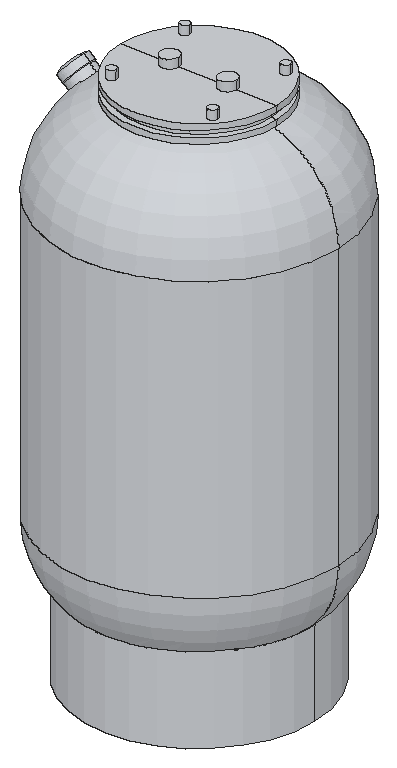
Revit family "TXA-35", category Mechanical Equipment, Revit 2014
Parameters (values of type "TXA-35")
  URL = "http://westank.com/"
  TankVolume = "10 Gallons"
  PartNumber = "20010035"
  OuterRadius = F / 2  # 5"
  Model = "TXA-35"
  MaximumOperatingTemperature = "240°F"
  MaximumOperatingPressure = "150 PSIG"
  Manufacturer = "Wessels Company"
  InnerRadius = (F * 0.9844) / 2  # 4.922"
  F = 10"
  C = 3/4"
  B = 23 1/2"
  ApproximateShipmentWeight = "40 lbs"
  Angle = 41.00°
  A = 12"
Reference planes (in)
  plane 1 "Center (Front/Back)": y = 0
  plane 2: z = 0
  plane 3 "Center (Left/Right)": x = 0
  plane 4: x = -6
  plane 5: z = 5.47343
  plane 6: z = 22.35433
  plane 7: y = 1.9685
  plane 8: y = -1.9685
  plane 9: x = 2.1751
  plane 10: x = -2.1751
  plane 11: z = 23.5
  plane 12: x = 6
  plane 13: z = 16.99842
  plane 14: x = -5
  plane 15: x = 5
  plane 16: x = 1.625
  plane 17: x = 0.875
Forms (in)
  Revolve 1, solid
    sketch origin (0, 0, -5.125) x (1, 0, 0) y (0, 0, 1)
      loop
        line (0, 27.47933) -> (-2.92524, 27.47933)
        arc (-2.92524, 27.47933) -> (-5.13532, 26.11893) -> (-6, 23.67199) r 3.89461
        line (-6, 23.67199) -> (-6, 11.46384)
        arc (-6, 11.46384) -> (-5.13532, 9.0169) -> (-2.92524, 7.6565) r 3.89461
        line (-2.92524, 7.6565) -> (0, 7.6565) -> (0, 27.47933)
      axis (0, 27.47933) -> (0, 7.6565)
    angle from 0 to 360
  Extrusion 2, solid
    sketch origin (0, 0, 0) x (1, 0, 0) y (0, 1, 0)
      loop
        circle (0, 0) r 5
      loop
        circle (0, 0) r 4.922
    from 5.47343 to 0
  Revolve 3, solid
    sketch origin (0, 0, 0) x (1, 0, 0) y (0, 0, 1)
      loop
        line (0, 23.14567) -> (0, 22.35433) -> (3.36891, 22.35433) -> (3.36891, 22.60433) -> (3.11891, 22.60433) -> (3.11891, 22.88832) -> (3.36891, 22.88832) -> (3.36891, 23.14567) -> (0, 23.14567)
      axis (0, 23.14567) -> (0, 22.35433)
    angle from 0 to 360
  Extrusion 4, solid
    sketch origin (-60.41868, -180, 22.35433) x (-1, 0, 0) y (0, -1, 0)
      loop
        circle (-58.24358, -181.9685) r 0.19685
      loop
        circle (-58.24358, -178.0315) r 0.19685
      loop
        circle (-62.59379, -178.0315) r 0.19685
      loop
        circle (-62.59379, -181.9685) r 0.19685
    from 1.14567 to 0.79134
  Extrusion 5, solid
    sketch origin (-60.41868, -180, 22.35433) x (-1, 0, 0) y (0, -1, 0)
      loop
        circle (-59.16868, -180) r 0.375
      loop
        circle (-61.66868, -180) r 0.375
    from 1.14567 to 0.79134
  Revolve 6, solid
    sketch origin (0, 0, 16.99842) x (-0.75471, 0, 0.656059) y (-0.656059, 0, -0.75471)
      loop
        line (6.14266, 0) -> (6.14266, -0.64856) -> (6.78908, -0.64856) -> (6.81239, -0.67188) -> (7.15285, -0.67188)
        arc (7.15285, -0.67188) -> (7.26101, -0.34361) -> (7.22367, 0) r 0.81647
        line (7.22367, 0) -> (6.14266, 0)
      axis (6.14266, 0) -> (7.22367, 0)
    angle from 0 to 360
Cuts and joins
  joined: Revolve 1, Extrusion 2, Revolve 3, Revolve 6
Lines and regions (in)
  reference lines
    curve 1: line (0, 0, 16.99842) -> (-5.47164, 0, 21.75485)
Dimensions and locks (in)
  plane 5 to level = 5.47343"
  equal spacing: plane 10, plane 3 "Center (Left/Right)", plane 9
  equal spacing: plane 7, plane 1 "Center (Front/Back)", plane 8
  "B": plane 11 to level
  equal spacing: plane 12, plane 3 "Center (Left/Right)", plane 4
  "A": plane 12 to plane 4
  locked: Extrusion 5 sketch curve to plane 1 "Center (Front/Back)" at 0  (x2)
  equal spacing: plane 15, plane 3 "Center (Left/Right)", plane 14
  "F": plane 15 to plane 14
  "C": plane 17 to plane 16
  "OuterRadius": radius of Extrusion 2 sketch curve
  "InnerRadius": radius of Extrusion 2 sketch curve
  "C": diameter of Extrusion 5 sketch curve
  "Angle": angle curve 1 to plane 13
  aligned and locked: level to plane 2
  aligned and locked: Extrusion 2 to level
  aligned and locked: Revolve 3 sketch curve to plane 6
  aligned and locked: Revolve 3 sketch curve to plane 3 "Center (Left/Right)"  (x2)
  aligned and locked: Revolve 1 sketch curve to plane 6
  aligned and locked: plane 11 to Extrusion 4
  aligned and locked: plane 4 to Revolve 1 sketch curve
  aligned and locked: plane 11 to Extrusion 5
  aligned and locked: plane 3 "Center (Left/Right)" to curve 1
  aligned and locked: plane 13 to curve 1
  aligned and locked: Revolve 6 sketch curve to curve 1
  aligned and locked: Revolve 6 sketch curve to Revolve 6 sketch curve
  aligned and locked: plane 16 to Extrusion 5
  aligned and locked: plane 17 to Extrusion 5
Automatic sketch dimensions
  Revolve 3 sketch curve to plane 6 = 0"
  plane 6 to Revolve 3 sketch curve = 1/4"
  Revolve 3 sketch curve to Revolve 3 sketch curve = 1/4"  (x2)
  Revolve 3 sketch curve to Revolve 3 sketch curve = 1/2"
  Revolve 1 sketch curve to plane 3 "Center (Left/Right)" = 0"  (x2)
  Revolve 1 sketch curve to level = 2.26259"
  Revolve 1 sketch curve to plane 6 = 1.77165"
  plane 5 to Revolve 1 sketch curve = 0.86541"
  Extrusion 4 sketch curve to plane 8 = 0"  (x2)
  Extrusion 4 sketch curve to plane 9 = 0"  (x2)
  Extrusion 4 sketch curve to plane 7 = 0"  (x2)
  Extrusion 4 sketch curve to plane 10 = 0"  (x2)
  Revolve 6 sketch curve to curve 1 = 0"  (x2)
  Revolve 6 sketch curve to Revolve 6 sketch curve = 0.30638"
  Revolve 6 sketch curve to curve 1 = 59/128"
  Revolve 6 sketch curve to Revolve 6 sketch curve = 0.02331"  (x2)
  curve 1 to Revolve 6 sketch curve = 0.25803"
  Revolve 6 sketch curve to Revolve 6 sketch curve = 0.39053"
  Revolve 6 sketch curve to curve 1 = 0.09715"
  Revolve 6 sketch curve to curve 1 = 0.02633"
  plane 9 to Revolve 3 sketch curve = 0.94381"
  Revolve 1 sketch curve to plane 10 = 0.75013"  (x2)
  plane 10 to Revolve 1 sketch curve = 0.06971"  (x2)
  Revolve 3 sketch curve to Revolve 3 sketch curve = 0.28399"
  Revolve 3 sketch curve to Revolve 3 sketch curve = 0.25735"
  Extrusion 2 sketch curve to Extrusion 2 sketch curve = 0"  (x2)
  plane 1 "Center (Front/Back)" to Extrusion 2 sketch curve = 0"
  Extrusion 2 sketch curve to plane 3 "Center (Left/Right)" = 0"
  plane 16 to Extrusion 5 sketch curve = 3/8"
  plane 10 to Extrusion 5 sketch curve = 0.9251"
  radius of Extrusion 4 sketch curve = 0.19685"  (x4)
  radius of Extrusion 5 sketch curve = 3/8"
Connectors (in)
  piping at (1.25, 0, 23.5), diameter 0.75, driven by "C"
    settings: on Extrusion 5, index 3, connector inside diameter 24", connector length 0", flow factor 0, pipe flow 0 GPM, pressure drop 0.00 psi, fitting loss kfactor 0, connector angle 0.00°, fixture units 0, engagement length 0", angle of deflection 0.00°, flow configuration 0, flow direction 0, fitting loss method 0, system type 19, joint type 0, gender type 0, connector reference index -1, connector utility 0, adjustable connector no, is connector primary yes, connector description ""
